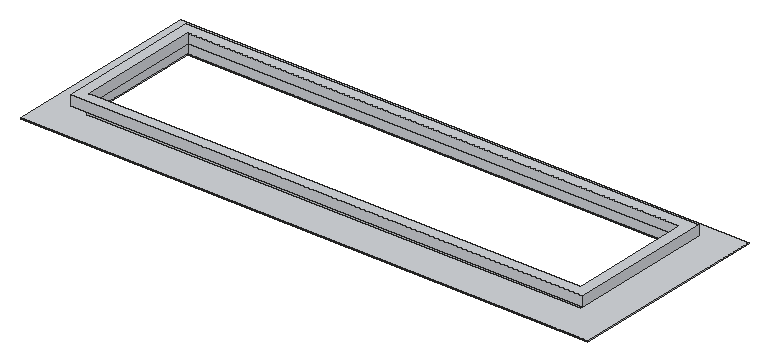
Revit family "IOSK6", category Generic Models, host Face, Revit 2019
Family settings
  Host = Face
  Can host rebar = No
  Round Connector Dimension = Use Diameter
  Part Type = Normal
  Cut with Voids When Loaded = No
  Shared = No
  Room Calculation Point = No
Parameters
  Default Elevation = 48.00"
Reference planes (in)
  plane 1 "Center (Front/Back)": y = 0
  plane 2: z = 0
  plane 3 "Center (Left/Right)": x = 0
Forms (in)
  Extrusion 1, solid
    sketch origin (0, 0, 0) x (1, 0, 0) y (0, 1, 0)
      loop
        line (-42.625, 15.06) -> (-42.625, -15.06) -> (42.625, -15.06) -> (42.625, 15.06) -> (-42.625, 15.06)
      loop
        line (36.966, 9.279) -> (-36.966, 9.279) -> (-36.966, -9.279) -> (36.966, -9.279) -> (36.966, 9.279)
    from 0 to 0.15
  Extrusion 2, solid
    sketch origin (0, 0, 0) x (1, 0, 0) y (0, 1, 0)
      loop
        line (-37.05475, 9.4835) -> (-37.05475, -9.4835) -> (37.04875, -9.4835) -> (37.04875, 9.4835) -> (-37.05475, 9.4835)
      loop
        line (36.96, 9.279) -> (-36.966, 9.279) -> (-36.966, -9.279) -> (36.96, -9.279) -> (36.96, 9.279)
    from 1.4 to 0.15
  Extrusion 3, solid
    sketch origin (0, 0, 0) x (1, 0, 0) y (0, 1, 0)
      loop
        line (-38.469, 10.9015) -> (-38.469, -10.8105) -> (38.469, -10.8105) -> (38.469, 10.9015) -> (-38.469, 10.9015)
      loop
        line (36.935, 9.3925) -> (-36.96, 9.3925) -> (-36.96, -9.3015) -> (36.935, -9.3015) -> (36.935, 9.3925)
    from 2.9 to 1.4
Dimensions and locks (in)
  aligned and locked: plane 2 to host face
  aligned and locked: level to host face
